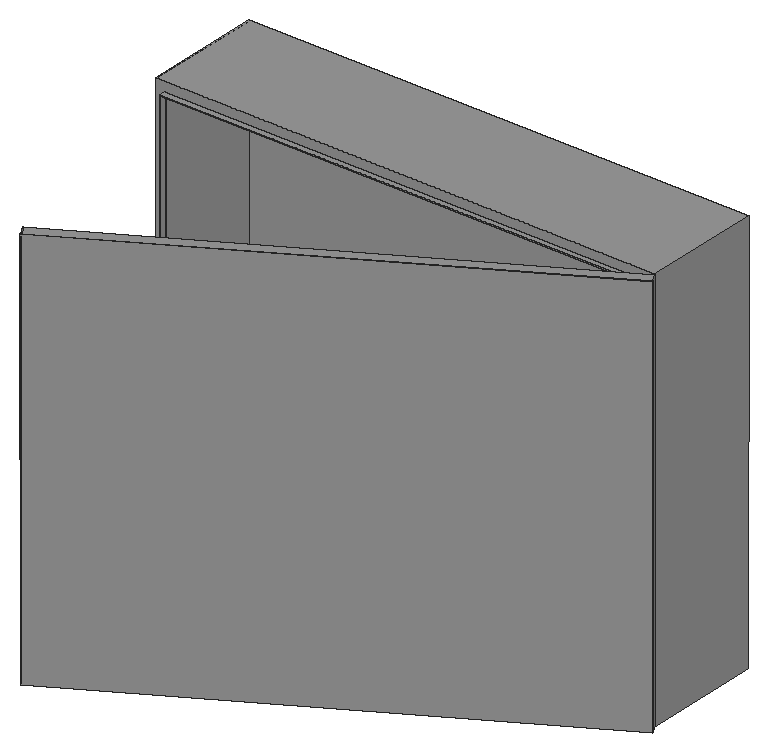
Revit family "Hager-Univers-IP44-D205-H650-Cl.II-Encl-NoHosted-DE-de", category Equipement électrique, Revit 2020
Family settings
  Configuration du panneau = Deux colonnes, circuits au sein
  Cote de connecteur circulaire = Utiliser le diamètre
  Type d'élément = Tableau de raccordement
  Basée sur le plan de construction = Oui
  Toujours verticalement = Oui
  Couper avec des vides une fois chargée = Non
  Partagée = Non
  Point de calcul de pièce = Non
Parameters (values of type "Aufputz IP44 B800 H650 T205  - FP43SN2")
  Width Control [instance] = if([EF000008 - Breite] > Min Width, [EF000008 - Breite], Min Width)  # 800 mm
  Commentaires du type = [HG000003 - Bereich]  # "Univers"
  Thickness Door [instance] = if([EF009171 - Materialstärke Tür/Deckel] > 3 mm, 3 mm, [EF009171 - Materialstärke Tür/Deckel])  # 1 mm
  Seal Frame Offset [instance] = 17 mm  # constant formula
  Plinth Visibility [instance] = [HG000027 - Sockelhöhe] > 0 mm  # no
  Min Width [instance] = 100 mm  # constant formula
  Min Depth [instance] = (2 * [EF009170 - Materialstärke Gehäuse]) + 1 mm  # 3 mm
  Min Height [instance] = 100 mm  # constant formula
  Internal Frame Depth [instance] = (Door System Depth * 0.5)  # 9 mm
  Panel Name [instance] = ""  # (empty or 0)
  Model = ""
  HG000027 - Sockelhöhe = 0 mm
  HG000026 - Stehend auf dem Boden = no
  HG000024 - Höhe des unteren Teils = 600 mm
  HG000023 - Gehäuse mit doppeltem Querschnitt = no
  HG000016 - 3D-Türsichtbarkeit [instance] = yes
  HG000015 - Sichtbarkeit der Türöffnung [instance] = no
  HG000014 - Tür rechts [instance] = yes
  HG000013 - Tür links [instance] = not([HG000014 - Tür rechts])  # no
  HG000012 - Türschwenkwinkel [instance] = 30.00°
  HG000010 - Asymmetrische Türen = no
  HG000009 - Doppelflügeligen Tür = no
  HG000006 - Unterputz = no
  HG000004 - Herstellerreferenz = "FP43SN2"
  HG000003 - Bereich = "Univers"
  HG000002 - Mit tür = yes
  Frame Offset Bottom [instance] = 10 mm  # constant formula
  Frame Offset [instance] = 15 mm  # constant formula
  EF015940 - Deckel mit Überdruckentlastung = no
  EF011959 - Schutzart (NEMA) = ""
  EF009554 - Anzahl der Öffnungen für Flanschplatten = 6
  EF009212 - Ausführung Deckel = "EV000116 - geschlossen"
  EF009171 - Materialstärke Tür/Deckel = 1 mm
  EF009170 - Materialstärke Gehäuse = 1 mm
  EF008873 - Nennstrom (In) = 250 A
  EF007800 - Geeignet für Blitzschutz = no
  EF006306 - Mit Schloss = no
  EF006244 - Transparenter Deckel/Tür = no
  EF005474 - Schutzart (IP) = "EV006418 - IP44"
  EF004464 - Art der Tür = "EV002646 - Einzel"
  EF004427 - Anzahl der Module = 144
  EF004293 - Schlagfestigkeit = "EV006815 - IK09"
  EF003532 - Geeignet für Außengebrauch = no
  EF002950 - Breite in Teilungseinheiten = 36
  EF001613 - Funktionserhalt = "EV000494 - ohne"
  EF001596 - Werkstoff des Gehäuses = "EV000179 - Stahl"
  EF001131 - Innentiefe = 143 mm
  EF001088 - Anbaumöglichkeit = yes
  EF000437 - Anzahl der Leitungseinführungen = 6
  EF000339 - Art der Abdeckung = "EV001012 - Deckel"
  EF000266 - Anzahl der Reihen = 4
  EF000218 - Einbautiefe = 205 mm
  EF000118 - Mit Montageplatte = no
  EF000116 - RAL-Nummer = "9010"
  EF000049 - Tiefe = 205 mm
  EF000040 - Höhe = 650 mm
  EF000008 - Breite = 800 mm
  EF000007 - Farbe = "EV000202 - weiß"
  EF000003 - Montageart = "EV000384 - Aufputz"
  Door System Leaf Tolerance [instance] = 1.5 mm  # constant formula
  Door System Depth [instance] = 18 mm  # constant formula
  Door Height [instance] = Height Control - [HG000027 - Sockelhöhe]  # 650 mm
  Description = ""
  Default Elevation = 1219.2 mm
  Connector Offset [instance] = Height Control / 2  # 325 mm
  Fabricant = "Hager"  # constant formula
  Height Control [instance] = if([EF000040 - Höhe] > Min Height, [EF000040 - Höhe], Min Height)  # 650 mm
  Depth Control [instance] = if([EF000049 - Tiefe] > Min Depth, [EF000049 - Tiefe], Min Depth)  # 205 mm
  Bottom Top Plate Trim [instance] = 1.5 mm  # constant formula
  Plinth height Ctrl [instance] = if([HG000027 - Sockelhöhe] > 0 mm, [HG000027 - Sockelhöhe], 12 mm)  # 12 mm
Types (5, lengths in mm): name | Width Control | HG000010 - Asymmetrische Türen | HG000009 - Doppelflügeligen Tür | HG000004 - Herstellerreferenz | EF009554 - Anzahl der Öffnungen für Flanschplatten | EF004464 - Art der Tür | EF004427 - Anzahl der Module | EF002950 - Breite in Teilungseinheiten | EF000437 - Anzahl der Leitungseinführungen | EF000008 - Breite
  Aufputz IP44 B1050 H650 T205  - FP44SN2 | 1050 | no | yes | "FP44SN2" | 8 | "EV003602 - Doppel" | 192 | 48 | 8 | 1050
  Aufputz IP44 B1300 H650 T205  - FP45SN2 | 1300 | yes | yes | "FP45SN2" | 10 | "EV003602 - Doppel" | 240 | 60 | 10 | 1300
  Aufputz IP44 B300 H650 T205  - FP41SN2 | 300 | no | no | "FP41SN2" | 2 | "EV002646 - Einzel" | 48 | 12 | 2 | 300
  Aufputz IP44 B550 H650 T205  - FP42SN2 | 550 | no | no | "FP42SN2" | 4 | "EV002646 - Einzel" | 96 | 24 | 4 | 550
  Aufputz IP44 B800 H650 T205  - FP43SN2 | 800 | no | no | "FP43SN2" | 6 | "EV002646 - Einzel" | 144 | 36 | 6 | 800
Reference planes
  plane 1 "Center (Front/Back)": y = 0
  plane 2: z = 0
  plane 3 "Center (Left/Right)": x = 0
  plane 4: y = 0
  plane 5: y = 0
  plane 6: z = 0
  plane 7: x = -400
  plane 8: x = 400
  plane 9: x = 399
  plane 10: x = -399
  plane 11: z = 0
  plane 12: z = 1
  plane 13: y = -205
  plane 14: y = -1
  plane 15: x = 0
  plane 16: y = -187
  plane 17: y = -204
  plane 18: y = -186
  plane 19: x = -384
  plane 20: x = 384
  plane 21: z = 11
  plane 22: x = -383
  plane 23: x = 383
  plane 24: z = 0
  plane 25: z = 650
  plane 26: z = 650
  plane 27: z = 634
  plane 28: z = 649
Forms (mm)
  Extrusion 1, solid, material "Hager_Steel_RAL7035_Light_Grey", detail levels medium+fine
    sketch origin (-208.679, -4572, 0) x (-1, 0, 0) y (0, -1, 0)
      loop
        line (191.321, -4385) -> (-608.679, -4385) -> (-608.679, -4572) -> (191.321, -4572) -> (191.321, -4385)
    from 0 to 650
  Extrusion 2, void
    sketch origin (-350.771, -205, 1219.2) x (1, 0, 0) y (0, 0, 1)
      loop
        line (-48.229, -570.2) -> (-48.229, -1218.2) -> (749.771, -1218.2) -> (749.771, -570.2) -> (-48.229, -570.2)
    from -19 to -204
  Extrusion 3, void
    sketch origin (-290.084, -187, 1219.2) x (1, 0, 0) y (0, 0, 1)
      loop
        line (-93.916, -1208.2) -> (674.084, -1208.2) -> (674.084, -585.2) -> (-93.916, -585.2) -> (-93.916, -1208.2)
    from 0 to -1
  Extrusion 4, solid, material "Hager_Steel_RAL7035_Light_Grey", visible <- "Plinth Visibility", detail levels medium+fine
    sketch origin (0, 0, 0) x (1, 0, 0) y (0, 1, 0)
      loop
        line (-400, 0) -> (-400, -187) -> (400, -187) -> (400, 0) -> (-400, 0)
    from 0 to 12 <- "Plinth height Ctrl"
  Extrusion 5, solid, material "Hager_Steel_RAL7035_Light_Grey", detail levels coarse
    sketch origin (0, 0, 0) x (1, 0, 0) y (0, 1, 0)
      loop
        line (-400, 0) -> (-400, -205) -> (400, -205) -> (400, 0) -> (-400, 0)
    from 0 to 650 <- "Height Control"
  Sweep 6, void
    path in 3D
      loop
        line (-400, -187, 12) -> (400, -187, 12) -> (400, 0, 12) -> (-400, 0, 12) -> (-400, -187, 12)
    profile origin (-400, -93.5, 12) x (1, 0, 0) y (0, 0, 1)
      loop
        line (0, 0) -> (0, -1.5) -> (1.5, -1.5)
        arc (1.5, -1.5) -> (1.061, -0.439) -> (0, 0) r 1.5
  Extrusion 7, solid, material "Hager_Steel_RAL7035_Light_Grey", detail levels fine
    sketch origin (-400, -187, 0) x (1, 0, 0) y (0, 0, 1)
      loop
        line (16, 11) -> (784, 11) -> (784, 634) -> (16, 634) -> (16, 11)
      loop
        line (15, 10) -> (785, 10) -> (785, 635) -> (15, 635) -> (15, 10)
    from 0 to 9 <- "Internal Frame Depth"
Cuts and joins
  Extrusion 2, Extrusion 3 cuts Extrusion 1
  Sweep 6 cuts Extrusion 4
Lines and regions (mm)
  Masking region 1
    outline origin (0, 0, 0) x (1, 0, 0) y (0, 1, 0)
      loop
        line (-400, 0) -> (-400, -205) -> (400, -205) -> (400, 0) -> (-400, 0)
  Masking region 2, detail levels coarse
    outline origin (-290.084, -187, 1219.2) x (-1, 0, 0) y (0, 0, 1)
      loop
        line (-690.084, -1219.2) -> (109.916, -1219.2) -> (109.916, -569.2) -> (-690.084, -569.2) -> (-690.084, -1219.2)
  Masking region 3, detail levels coarse
    outline origin (0, 0, 0) x (0, 1, 0) y (0, 0, 1)
      loop
        line (0, 0) -> (0, 650) -> (-205, 650) -> (-205, 0) -> (0, 0)
  Masking region 4, visible <- "Plinth Visibility", detail levels medium+fine
    outline origin (0, 0, 0) x (0, 1, 0) y (0, 0, 1)
      loop
        line (-1.5, 12) -> (-185.5, 12)
        arc (-185.5, 12) -> (-185.939, 10.939) -> (-187, 10.5) r 1.5
        line (-187, 10.5) -> (-187, 0) -> (0, 0) -> (0, 10.5)
        arc (0, 10.5) -> (-1.061, 10.939) -> (-1.5, 12) r 1.5
  Masking region 5, detail levels medium+fine
    outline origin (0, 0, 594.038) x (0, 1, 0) y (0, 0, 1)
      loop
        line (0, -594.038) -> (0, 55.962) -> (-187, 55.962) -> (-187, -594.038) -> (0, -594.038)
  Masking region 6, detail levels medium+fine
    outline origin (-359.7, -187, 1211.883) x (-1, 0, 0) y (0, 0, 1)
      loop
        line (-759.7, -1211.883) -> (40.3, -1211.883) -> (40.3, -561.883) -> (-759.7, -561.883) -> (-759.7, -1211.883)
  Masking region 7, visible <- "Plinth Visibility", detail levels medium+fine
    outline origin (-320.334, -187, 1041.368) x (-1, 0, 0) y (0, 0, 1)
      loop
        line (-720.334, -1041.368) -> (79.666, -1041.368) -> (79.666, -1030.868)
        arc (79.666, -1030.868) -> (78.606, -1030.429) -> (78.166, -1029.368) r 1.5
        line (78.166, -1029.368) -> (-718.834, -1029.368)
        arc (-718.834, -1029.368) -> (-719.273, -1030.429) -> (-720.334, -1030.868) r 1.5
        line (-720.334, -1030.868) -> (-720.334, -1041.368)
  sketch lines
    curve 1: line (-400, 0, 12) -> (-400, -187, 12)
    curve 2: line (-400, -187, 12) -> (400, -187, 12)
    curve 3: line (400, 0, 12) -> (-400, 0, 12)
    curve 4: line (400, -187, 12) -> (400, 0, 12)
Dimensions and locks
  locked: plane 1 "Center (Front/Back)" to plane 5
  "EF009170 - Materialstärke Gehäuse": plane 7 to plane 10
  "EF009170 - Materialstärke Gehäuse": plane 8 to plane 9
  equal spacing: plane 7, plane 3 "Center (Left/Right)", plane 8
  "Width Control": plane 7 to plane 8
  "Depth Control": plane 4 to plane 13
  "EF009170 - Materialstärke Gehäuse": plane 4 to plane 14
  "Height Control": plane 25 to level
  "HG000027 - Sockelhöhe": plane 11 to level
  "EF009170 - Materialstärke Gehäuse": plane 12 to plane 11
  "EF009170 - Materialstärke Gehäuse": plane 17 to plane 13
  "EF009170 - Materialstärke Gehäuse": plane 18 to plane 16
  "Frame Offset Bottom": plane 21 to plane 12
  "Frame Offset": plane 10 to plane 19
  "Frame Offset": plane 9 to plane 20
  "Door System Depth": plane 16 to plane 13
  "Seal Frame Offset": plane 7 to plane 22
  "Seal Frame Offset": plane 8 to plane 23
  "EF009170 - Materialstärke Gehäuse": plane 26 to plane 28
  "Frame Offset": plane 28 to plane 27
  "Connector Offset": plane 2 to connector elem
  "Bottom Top Plate Trim": profile plane to Sweep 6 sketch curve
  "Bottom Top Plate Trim": Sweep 6 sketch curve to Sweep 6 sketch curve
  "Plinth height Ctrl": Masking region 4 sketch curve to level
  "Plinth height Ctrl": Masking region 7 sketch curve to level
  "Thickness Door": Extrusion 7 sketch curve to Extrusion 7 sketch curve  (x4)
  "Bottom Top Plate Trim": radius of Sweep 6 sketch curve
  "Bottom Top Plate Trim": radius of Masking region 4 sketch curve  (x2)
  "Bottom Top Plate Trim": radius of Masking region 7 sketch curve  (x2)
  aligned and locked: Extrusion 2 sketch curve to plane 12
  aligned and locked: Extrusion 2 sketch curve to plane 9
  aligned and locked: Extrusion 2 sketch curve to plane 10
  aligned and locked: Extrusion 2 to plane 14
  aligned and locked: Extrusion 1 sketch curve to plane 4
  aligned and locked: plane 8 to Extrusion 1 sketch curve
  aligned and locked: plane 7 to Extrusion 1 sketch curve
  aligned and locked: Extrusion 2 to plane 18
  aligned and locked: Extrusion 3 sketch curve to plane 19
  aligned and locked: plane 20 to Extrusion 3 sketch curve
  aligned and locked: Extrusion 3 to Extrusion 2
  aligned and locked: Extrusion 3 sketch curve to plane 21
  aligned and locked: plane 3 "Center (Left/Right)" to nested 1
  aligned and locked: Extrusion 1 sketch curve to plane 16
  aligned and locked: Extrusion 4 sketch curve to cut or joined group of Extrusion 1, Extrusion 2, Extrusion 3
  aligned and locked: Masking region 1 sketch curve to plane 7
  aligned and locked: Masking region 1 sketch curve to plane 5
  aligned and locked: Masking region 1 sketch curve to plane 8
  aligned and locked: Masking region 2 sketch curve to level
  aligned and locked: level to Masking region 3 sketch curve
  aligned and locked: plane 1 "Center (Front/Back)" to Masking region 3 sketch curve
  aligned and locked: plane 13 to Masking region 3 sketch curve
  aligned and locked: plane 5 to Masking region 4 sketch curve
  aligned and locked: Masking region 2 sketch curve to plane 8
  aligned and locked: Masking region 2 sketch curve to plane 7
  aligned and locked: plane 7 to nested 2
  aligned and locked: nested 2 to plane 5
  aligned and locked: plane 5 to Masking region 5 sketch curve
  aligned and locked: plane 26 to Masking region 5 sketch curve
  aligned and locked: Extrusion 5 sketch curve to plane 8
  aligned and locked: Extrusion 5 sketch curve to plane 7
  aligned and locked: Extrusion 5 sketch curve to plane 5
  aligned and locked: Extrusion 3 sketch curve to plane 27
  aligned and locked: Extrusion 2 sketch curve to plane 28
  aligned and locked: Masking region 2 to plane 25
  aligned and locked: Extrusion 4 to plane 16
  aligned and locked: profile plane to Sweep 6 sketch curve
  aligned and locked: Masking region 5 sketch curve to plane 24
  aligned and locked: level to Masking region 4 sketch curve
  aligned and locked: Masking region 1 to plane 13
  aligned and locked: nested 1 to plane 16
  aligned and locked: Masking region 3 to plane 25
  aligned and locked: plane 16 to Masking region 4 sketch curve
  aligned and locked: Masking region 5 sketch curve to plane 16
  aligned and locked: plane 24 to plane 11
  aligned and locked: plane 26 to plane 25
  aligned and locked: plane 26 to cut or joined group of Extrusion 1, Extrusion 2, Extrusion 3
  aligned and locked: nested 1 to plane 24
  aligned and locked: Extrusion 1 to Extrusion 3
  aligned and locked: Masking region 6 sketch curve to plane 8
  aligned and locked: Masking region 6 sketch curve to plane 24
  aligned and locked: Masking region 6 sketch curve to plane 7
  aligned and locked: Masking region 6 sketch curve to plane 26
  aligned and locked: Masking region 7 sketch curve to plane 7
  aligned and locked: level to Masking region 7 sketch curve
  aligned and locked: Masking region 7 sketch curve to plane 8
  aligned and locked: Extrusion 7 sketch curve to cut or joined group of Extrusion 1, Extrusion 2, Extrusion 3  (x4)
Automatic sketch dimensions
  plane 19 to Extrusion 3 sketch curve = 0 mm
  Extrusion 3 sketch curve to plane 20 = 0 mm
  Extrusion 3 sketch curve to plane 21 = 0 mm
  Extrusion 4 sketch curve to plane 7 = 0 mm
  Extrusion 4 sketch curve to plane 8 = 0 mm
  Extrusion 4 sketch curve to plane 16 = 0 mm
  Masking region 1 sketch curve to plane 13 = 0 mm
  Masking region 2 sketch curve to plane 25 = 0 mm
  Masking region 3 sketch curve to plane 25 = 0 mm
  Extrusion 5 sketch curve to plane 13 = 0 mm
  profile plane to Sweep 6 sketch curve = 0 mm
Nested families
  nested 1: "EC000058_Univers_Door" at (0, -187, 0), Double <- "HG000009 - Doppelflügeligen Tür", Transparent <- "EF006244 - Transparenter Deckel/Tür", Angle <- "HG000012 - Türschwenkwinkel", Door_Right <- "HG000014 - Tür rechts", Assymetrical <- "HG000010 - Asymmetrische Türen", Door <- "HG000002 - Mit tür", Width_Ctrl <- "Width Control", 3d_Door <- "HG000016 - 3D-Türsichtbarkeit", Clearance <- "HG000015 - Sichtbarkeit der Türöffnung", Door_Left <- "HG000013 - Tür links", Width <- "Width Control", Door_Depth <- "Door System Depth", Leaf_Tolerance <- "Door System Leaf Tolerance", Height <- "Door Height", Lock_Visibility <- "EF006306 - Mit Schloss", Thickness <- "Thickness Door", type "EC000058_Univers_Door", detail levels medium+fine
    with min_wh 3 mm, Width_Ctrl 800 mm, Width 800 mm, Transparent no, Thickness 1 mm, Seal_Material Hager_Rubber, Lock_Visibility no, Lock_Material Hager_Plastic_RAL9005_Jet_Black, Leaf_Width 800 mm, Leaf_Tolerance_External_Sides 0 mm, Leaf_Tolerance 1.5 mm, Leaf_Offset 0 mm, Leaf_Height 647 mm, Leaf_2_Width 800 mm, Leaf_2_Offset 400 mm, Leaf_1_Width 800 mm, Leaf_1_Offset 400 mm, Height_Ctrl 650 mm, Height 650 mm, Glass_Material Hager_Glass, Double_Clearance_Ctrl no, Double no, Door_Right_Ctrl yes, Door_Right yes, Door_Material Hager_Steel_RAL7035_Light_Grey, Door_Left_Ctrl no, Door_Left no, Door_Depth 18 mm, Door yes, Clearance_Material Hager_Clearance, Clearance_Depth 800 mm, Clearance_Ctrl no, Clearance no, Assymetrical no, Angle 30.00°, 3d_Door yes
  nested 2: "Hager_Enclosure_Symbol" at (-400, 0, 0), Height <- "Depth Control", Width <- "Width Control", type "Hager_Enclosure_Symbol"
    with Width_Ctrl 800 mm, Width 800 mm, Height_Ctrl 205 mm, Height 205 mm, A_Width_Int 13.453 mm, A_Width 161.438 mm, A_Height_Ctrl 179.375 mm, A_Height 179.375 mm
Connectors
  electrical at (0, 0, 325)
    settings: on plane 1 "Center (Front/Back)", index 1, voltage 0 V, apparent load 0 VA, apparent load phase1 0 VA, apparent load phase2 0 VA, apparent load phase3 0 VA, power factor 1, load classification "Other", number of poles 1, system type 30, power factor state 1, is connector primary yes, connector utility no, sub classification motor no, connector description ""
Definition of nested family "EC000058_Univers_Door"
  Parameters (values of type "EC000058_Univers_Door")
    min_wh [instance] = (2 * Thickness) + 1 mm  # 11 mm
    Width_Ctrl [instance] = 400 mm
    Width [instance] = 500 mm
    Transparent [instance] = yes
    Thickness [instance] = 5 mm
    Seal_Material [instance] = none
    Lock_Visibility [instance] = yes
    Lock_Material [instance] = none
    Leaf_Width [instance] = if((Width_Ctrl - 2 * Leaf_Tolerance_External_Sides) > 0 mm, (Width_Ctrl - 2 * Leaf_Tolerance_External_Sides), min_wh)  # 400 mm
    Leaf_Tolerance_External_Sides [instance] = 0 mm  # constant formula
    Leaf_Tolerance [instance] = 1.5 mm
    Leaf_Offset [instance] = 0 mm  # constant formula
    Leaf_Height [instance] = if((Height_Ctrl - 2 * Leaf_Tolerance) > 0 mm, (Height_Ctrl - 2 * Leaf_Tolerance), min_wh)  # 497 mm
    Leaf_2_Width [instance] = if(and(and(Double, Assymetrical), Door_Left), (Leaf_Width / 3) - (Leaf_Tolerance / 2), if(and(and(Double, Assymetrical), Door_Right), (Leaf_Width / 3) * 2 - (Leaf_Tolerance / 2), if(and(Double, not(Assymetrical)), (Leaf_Width / 2) - Leaf_Tolerance, Leaf_Width)))  # 400 mm
    Leaf_2_Offset [instance] = if(and(Double, Assymetrical), Leaf_2_Width / 2, if(and(Double, not(Assymetrical)), Leaf_Width / 4, Leaf_Width / 2))  # 200 mm
    Leaf_1_Width [instance] = if(and(and(Double, Assymetrical), Door_Right), (Leaf_Width / 3) - (Leaf_Tolerance / 2), if(and(and(Double, Assymetrical), Door_Left), (Width / 3) * 2 - (Leaf_Tolerance / 2), if(and(Double, not(Assymetrical)), (Leaf_Width / 2) - Leaf_Tolerance, Leaf_Width)))  # 400 mm
    Leaf_1_Offset [instance] = if(and(Double, Assymetrical), Leaf_1_Width / 2, if(and(Double, not(Assymetrical)), Leaf_Width / 4, Leaf_Width / 2))  # 200 mm
    Height_Ctrl [instance] = if(Height > min_wh, Height, min_wh)  # 500 mm
    Height [instance] = 500 mm
    Glass_Material [instance] = none
    Double_Clearance_Ctrl [instance] = and(Double, Clearance)  # no
    Double [instance] = no
    Door_Right_Ctrl [instance] = and(or(Door_Right, Double), Door)  # yes
    Door_Right [instance] = yes
    Door_Material [instance] = none
    Door_Left_Ctrl [instance] = and(or(Door_Left, Double), Door)  # no
    Door_Left [instance] = no
    Door_Depth [instance] = 30 mm
    Door [instance] = yes
    Default Elevation = 1219.2 mm
    Clearance_Material [instance] = none
    Clearance_Depth [instance] = if(Leaf_1_Width > Leaf_2_Width, Leaf_1_Width, Leaf_2_Width)  # 400 mm
    Clearance_Ctrl [instance] = and(not(Double), Clearance)  # yes
    Clearance [instance] = yes
    Assymetrical [instance] = yes
    Angle [instance] = 30.00°
    3d_Door [instance] = yes
  Reference planes
    plane 1 "Center (Front/Back)": y = 0
    plane 2 "Bottom": z = 0
    plane 3 "Center (Left/Right)": x = 0
    plane 4: z = 500
    plane 5: x = -200
    plane 6: x = 200
    plane 7: z = 500
    plane 8: x = -200
    plane 9: z = 0
    plane 10: x = 200
    plane 11: y = 0
    plane 12: z = 1.5
    plane 13: x = -600
    plane 14: y = -400
    plane 15: x = 600
    plane 16: x = 0
    plane 17: x = 0
    plane 18: x = -200
    plane 19: x = 200
    plane 20: z = 498.5
  Forms (mm)
    Extrusion 1, solid, material <- "Clearance_Material", visible <- "Double_Clearance_Ctrl"
      sketch origin (1200, 0, 0) x (1, 0, 0) y (0, 0, -1)
        loop
          line (-1800, -498.5) -> (-600, -498.5) -> (-600, 0) -> (-1800, 0) -> (-1800, -498.5)
      from 0 to -400
  Dimensions and locks
    equal spacing: plane 5, plane 3 "Center (Left/Right)", plane 6
    "Width_Ctrl": plane 5 to plane 6
    "Leaf_Offset": plane 5 to plane 8
    "Leaf_Offset": plane 6 to plane 10
    "Leaf_Offset": plane 9 to level
    "Leaf_Offset": plane 4 to plane 7
    "Height_Ctrl": plane 4 to level
    "Leaf_Tolerance": plane 12 to plane 9
    locked: plane 11 to plane 1 "Center (Front/Back)"
    "Leaf_1_Offset": plane 18 to plane 16
    "Leaf_2_Offset": plane 17 to plane 19
    "Leaf_1_Width": plane 13 to plane 8
    "Leaf_2_Width": plane 10 to plane 15
    "Clearance_Depth": plane 14 to plane 1 "Center (Front/Back)"
    "Leaf_Tolerance_External_Sides": plane 8 to plane 18
    "Leaf_Tolerance_External_Sides": plane 19 to plane 10
    "Leaf_Tolerance": plane 7 to plane 20
    aligned and locked: level to plane 2 "Bottom"
    aligned and locked: nested 1 to plane 16
    aligned and locked: nested 2 to plane 17
    aligned and locked: Extrusion 1 to plane 13
    aligned and locked: plane 15 to Extrusion 1
    aligned and locked: Extrusion 1 to plane 14
    aligned and locked: plane 12 to nested 1
    aligned and locked: nested 2 to plane 12
    aligned and locked: Extrusion 1 to plane 11
    aligned and locked: plane 20 to Extrusion 1
    aligned and locked: nested 2 to plane 11
    aligned and locked: nested 1 to plane 11
  Automatic sketch dimensions
    Extrusion 1 sketch curve to level = 0 mm
    plane 5 to Extrusion 1 sketch curve = 400 mm
    plane 6 to Extrusion 1 sketch curve = 400 mm
    Extrusion 1 sketch curve to plane 4 = 1.5 mm
  Nested families
    nested 1: "EC000058_Univers_Door_Leaf" at (0, 0, 1.5), Width <- "Leaf_1_Width", visible <- "Door_Left_Ctrl", Leaf_Height <- "Leaf_Height", Angle <- "Angle", 3d_Door <- "3d_Door", Transparent <- "Transparent", Clearance Material <- "Clearance_Material", Clearance <- "Clearance_Ctrl", Door_Material <- "Door_Material", Glass_Material <- "Glass_Material", Door_Depth <- "Door_Depth", Lock_Material <- "Lock_Material", Seal_Material <- "Seal_Material", Lock_Visibility <- "Lock_Visibility", Thickness <- "Thickness", type "EC000058_Univers_Door_Leaf"
      with Width 400 mm, Transparent_Glass_Offset 30 mm, Transparent_Ctrl yes, Transparent yes, Thickness 5 mm, Standard no, Seal_Material none, Seal_D2 8 mm, Seal_D1 1 mm, Offset_Internal_Frame 10 mm, Lock_Width 20 mm, Lock_Visibility_3d yes, Lock_Visibility yes, Lock_Thickness_3 3 mm, Lock_Thickness_2 1 mm, Lock_Thickness_1 3 mm, Lock_Radius_Offset_2 16 mm, Lock_Radius_Offset_1 15 mm, Lock_Radius_2 5 mm, Lock_Radius 6 mm, Lock_Offset 5 mm, Lock_Material none, Lock_Height 80 mm, Lock_Cover_Top_Offset_2d 17 mm, Lock_Cover_Height -65 mm, Leaf_Height 497 mm, Internal_Seal_Thickness 8 mm, Internal_Seal_Depth_2 4.5 mm, Internal_Frame_Depth 25 mm, Glass_Thickness -1 mm, Glass_Offset -2 mm, Glass_Material none, Door_Material none, Door_Depth 30 mm, Clearance Material none, Clearance yes, Angle_Ctrl 30.00°, Angle 30.00°, 3d_Door yes
    nested 2: "EC000058_Univers_Door_Leaf" at (0, 0, 1.5) x (-1, 0, 0) z (0, 0, 1), Width <- "Leaf_2_Width", visible <- "Door_Right_Ctrl", Leaf_Height <- "Leaf_Height", Angle <- "Angle", 3d_Door <- "3d_Door", Transparent <- "Transparent", Clearance Material <- "Clearance_Material", Clearance <- "Clearance_Ctrl", Door_Material <- "Door_Material", Glass_Material <- "Glass_Material", Door_Depth <- "Door_Depth", Lock_Material <- "Lock_Material", Seal_Material <- "Seal_Material", Lock_Visibility <- "Lock_Visibility", Thickness <- "Thickness", type "EC000058_Univers_Door_Leaf"
      with Width 400 mm, Transparent_Glass_Offset 30 mm, Transparent_Ctrl yes, Transparent yes, Thickness 5 mm, Standard no, Seal_Material none, Seal_D2 8 mm, Seal_D1 1 mm, Offset_Internal_Frame 10 mm, Lock_Width 20 mm, Lock_Visibility_3d yes, Lock_Visibility yes, Lock_Thickness_3 3 mm, Lock_Thickness_2 1 mm, Lock_Thickness_1 3 mm, Lock_Radius_Offset_2 16 mm, Lock_Radius_Offset_1 15 mm, Lock_Radius_2 5 mm, Lock_Radius 6 mm, Lock_Offset 5 mm, Lock_Material none, Lock_Height 80 mm, Lock_Cover_Top_Offset_2d 17 mm, Lock_Cover_Height -65 mm, Leaf_Height 497 mm, Internal_Seal_Thickness 8 mm, Internal_Seal_Depth_2 4.5 mm, Internal_Frame_Depth 25 mm, Glass_Thickness -1 mm, Glass_Offset -2 mm, Glass_Material none, Door_Material none, Door_Depth 30 mm, Clearance Material none, Clearance yes, Angle_Ctrl 30.00°, Angle 30.00°, 3d_Door yes
  Definition of nested family "EC000058_Univers_Door_Leaf"
    Parameters (values of type "EC000058_Univers_Door_Leaf")
      Width [instance] = 2000 mm
      Transparent_Glass_Offset [instance] = 30 mm
      Transparent_Ctrl [instance] = and(Transparent, [3d_Door])  # yes
      Transparent [instance] = yes
      Thickness [instance] = 5 mm
      Standard [instance] = and(not(Transparent), [3d_Door])  # no
      Seal_Material [instance] = none
      Seal_D2 [instance] = 8 mm  # constant formula
      Seal_D1 [instance] = 1 mm  # constant formula
      Offset_Internal_Frame [instance] = 10 mm  # constant formula
      Lock_Width [instance] = 20 mm  # constant formula
      Lock_Visibility_3d [instance] = and(Lock_Visibility, [3d_Door])  # yes
      Lock_Visibility [instance] = yes
      Lock_Thickness_3 [instance] = 3 mm  # constant formula
      Lock_Thickness_2 [instance] = 1 mm  # constant formula
      Lock_Thickness_1 [instance] = 3 mm  # constant formula
      Lock_Radius_Offset_2 [instance] = Lock_Radius_Offset_1 + 1 mm  # 16 mm
      Lock_Radius_Offset_1 [instance] = 15 mm  # constant formula
      Lock_Radius_2 [instance] = Lock_Radius - 1 mm  # 5 mm
      Lock_Radius [instance] = 6 mm  # constant formula
      Lock_Offset [instance] = 5 mm  # constant formula
      Lock_Material [instance] = none
      Lock_Height [instance] = 80 mm  # constant formula
      Lock_Cover_Top_Offset_2d [instance] = Lock_Radius_Offset_2 + 1 mm  # 17 mm
      Lock_Cover_Height [instance] = -(Lock_Height - Lock_Radius_Offset_1)  # -65 mm
      Leaf_Height [instance] = 2720.336 mm
      Internal_Seal_Thickness [instance] = 8 mm  # constant formula
      Internal_Seal_Depth_2 [instance] = 4.5 mm  # constant formula
      Internal_Frame_Depth [instance] = if(Door_Depth - Thickness > 5 mm, Door_Depth - Thickness, 5 mm)  # 25 mm
      Glass_Thickness [instance] = if(Thickness > 15 mm, Glass_Offset + 10 mm, -1 mm)  # -1 mm
      Glass_Offset [instance] = if(Thickness > 15 mm, -(Thickness + 10 mm) / 2, -2 mm)  # -2 mm
      Glass_Material [instance] = none
      Door_Material [instance] = none
      Door_Depth [instance] = 30 mm
      Default Elevation = 0 mm
      Clearance Material [instance] = none
      Clearance [instance] = yes
      Angle_Ctrl [instance] = if(Angle > 180.00°, 180.00°, Angle)  # 90.00°
      Angle [instance] = 90.00°
      3d_Door [instance] = yes
    Reference planes
      plane 1 "Center (Front/Back)": y = 0
      plane 2: z = 0
      plane 3 "Center (Left/Right)": x = 0
      plane 4: y = 2000
      plane 5: x = -1000
      plane 6: x = 1000
      plane 7: x = -3000
      plane 8: z = 2720.336
      plane 9: z = 30
      plane 10: z = 2690.336
      plane 11: x = 970
      plane 12: x = -970
      plane 13: y = -3
      plane 14: z = 107.833
      plane 15: y = -5
      plane 16: y = -223.314
      plane 17: x = -1000
      plane 18: z = 1360.168
      plane 19: y = 30
    Forms (mm)
      Extrusion 1, solid, material <- "Clearance Material", visible <- "Clearance"
        sketch origin (0, 0, 0) x (1, 0, 0) y (0, 0, 1)
          loop
            line (-3000, 2720.336) -> (-3000, 0) -> (1000, 0) -> (1000, 2720.336) -> (-3000, 2720.336)
        from 0 to -2000
      Extrusion 2, solid, material <- "Door_Material", visible <- "Standard", detail levels medium+fine
        sketch origin (-1000, 0, 0) x (0, 1, 0) y (-1, 0, 0)
          loop
            line (0, 30) -> (0, 25) -> (2000, 25) -> (2000, 30) -> (0, 30)
        from 0 to 2720.336 <- "Leaf_Height"
      Extrusion 3, solid, material <- "Door_Material", visible <- "Transparent_Ctrl", detail levels medium+fine
        sketch origin (-1000, 0, 0) x (0, 1, 0) y (-1, 0, 0)
          loop
            line (0, 25) -> (2000, 25) -> (2000, 30) -> (0, 30) -> (0, 25)
        from 0 to 2720.336 <- "Leaf_Height"
      Extrusion 4, void
        sketch origin (-1025, 2000, 0) x (0, 1, 0) y (0, 0, -1)
          loop
            line (-30, -2690.336) -> (-30, -30) -> (-1970, -30) -> (-1970, -2690.336) -> (-30, -2690.336)
        from 0 to 5 <- "Thickness"
      Sweep 5, solid, material <- "Seal_Material", visible <- "Transparent_Ctrl", detail levels fine
        path in 3D
          loop
            line (-1025, 30, 30) -> (-1025, 30, 2690.336) -> (-1025, 1970, 2690.336) -> (-1025, 1970, 30) -> (-1025, 30, 30)
        profile origin (-1025, 1000, 30) x (1, 0, 0) y (0, 0, 1)
          loop
            line (0, 0) -> (0, -8) -> (1, -8) -> (1, 0) -> (0, 0)
      Extrusion 6, solid, material <- "Glass_Material", visible <- "Transparent_Ctrl", detail levels medium+fine
        sketch origin (-1030, 0, 0) x (0, 1, 0) y (0, 0, -1)
          loop
            line (1970, -2690.336) -> (1970, -30) -> (30, -30) -> (30, -2690.336) -> (1970, -2690.336)
        from -2 <- "Glass_Offset" to -1 <- "Glass_Thickness"
      Extrusion 7, solid, material <- "Door_Material", visible <- "3d_Door", detail levels medium+fine
        sketch origin (-1025, 2000, 0) x (0, -1, 0) y (0, 0, -1)
          loop
            line (0, -2720.336) -> (2000, -2720.336) -> (2000, 0) -> (0, 0) -> (0, -2720.336)
          loop
            line (1995, -5) -> (5, -5) -> (5, -2715.336) -> (1995, -2715.336) -> (1995, -5)
        from 0 to 25 <- "Internal_Frame_Depth"
      Sweep 8, solid, material <- "Seal_Material", visible <- "Transparent_Ctrl", detail levels fine
        path in 3D
          loop
            line (-1025, 0, 0) -> (-1025, 2000, 0) -> (-1025, 2000, 2720.336) -> (-1025, 0, 2720.336) -> (-1025, 0, 0)
        profile origin (-1025, 0, 1360.168) x (1, 0, 0) y (0, 1, 0)
          loop
            line (0, 10) -> (2.975, 10)
            arc (2.975, 10) -> (4.053, 10.447) -> (4.5, 11.525) r 1.525
            line (4.5, 11.525) -> (4.5, 16.527)
            arc (4.5, 16.527) -> (4.069, 17.569) -> (3.027, 18) r 1.473
            line (3.027, 18) -> (0, 18) -> (0, 10)
      Extrusion 9, solid, material <- "Lock_Material", visible <- "Lock_Visibility_3d", detail levels fine
        sketch origin (-1030, 0, 0) x (0, 1, 0) y (0, 0, -1)
          loop
            arc (1993.5, -1400.168) -> (1994.561, -1399.729) -> (1995, -1398.668) r 1.5
            line (1995, -1398.668) -> (1995, -1320.168) -> (1975, -1320.168) -> (1975, -1398.668)
            arc (1975, -1398.668) -> (1975.439, -1399.729) -> (1976.5, -1400.168) r 1.5
            line (1976.5, -1400.168) -> (1993.5, -1400.168)
        from 3 <- "Lock_Thickness_1" to 0
      Blend 10, solid, material <- "Lock_Material", visible <- "Lock_Visibility_3d", detail levels fine
        base sketch origin (-1033, 0, 0) x (0, 1, 0) y (0, 0, -1)
          loop
            line (1975, -1320.168) -> (1975, -1398.668)
            arc (1975, -1398.668) -> (1975.439, -1399.729) -> (1976.5, -1400.168) r 1.5
            line (1976.5, -1400.168) -> (1993.5, -1400.168)
            arc (1993.5, -1400.168) -> (1994.561, -1399.729) -> (1995, -1398.668) r 1.5
            line (1995, -1398.668) -> (1995, -1320.168) -> (1975, -1320.168)
        top sketch origin (-1033, 0, 0) x (0, 1, 0) y (0, 0, -1)
          loop
            line (1976, -1320.168) -> (1976, -1398.668)
            arc (1976, -1398.668) -> (1976.146, -1399.022) -> (1976.5, -1399.168) r 0.5
            line (1976.5, -1399.168) -> (1993.5, -1399.168)
            arc (1993.5, -1399.168) -> (1993.854, -1399.022) -> (1994, -1398.668) r 0.5
            line (1994, -1398.668) -> (1994, -1320.168) -> (1976, -1320.168)
        from 0 to 1 <- "Lock_Thickness_2"
      Blend 11, solid, material <- "Lock_Material", visible <- "Lock_Visibility_3d", detail levels fine
        base sketch origin (-1034, 0, 0) x (0, 1, 0) y (0, 0, -1)
          loop
            line (1978, -1320.168) -> (1978, -1384.168)
            arc (1978, -1384.168) -> (1985, -1391.168) -> (1992, -1384.168) r 7
            line (1992, -1384.168) -> (1992, -1320.168) -> (1978, -1320.168)
        top sketch origin (-1034, 0, 0) x (0, 1, 0) y (0, 0, -1)
          loop
            line (1991, -1320.168) -> (1979, -1320.168) -> (1979, -1383.168)
            arc (1979, -1383.168) -> (1985, -1389.168) -> (1991, -1383.168) r 6
            line (1991, -1383.168) -> (1991, -1320.168)
        from 0 to 3 <- "Lock_Thickness_3"
      Extrusion 12, solid, material <- "Lock_Material", visible <- "Lock_Visibility_3d", detail levels fine
        sketch origin (-1030, 1975, 1320.168) x (1, 0, 0) y (0, -1, 0)
          loop
            line (-7, -19) -> (-7, -1) -> (0, -1) -> (0, 0) -> (-8, 0) -> (-8, -20) -> (0, -20) -> (0, -19) -> (-7, -19)
        from 0 to -65 <- "Lock_Cover_Height"
      Extrusion 13, void
        sketch origin (-1038, 1995, 1320.168) x (-1, 0, 0) y (0, 0, -1)
          loop
            line (-5, -65) -> (0, -65) -> (-5, -60) -> (-5, -65)
        from 0 to 20 <- "Lock_Width"
      Extrusion 14, void
        sketch origin (-1038, 1975, 1320.168) x (0, -1, 0) y (0, 0, -1)
          loop
            circle (-10, -15.995) r 6
          loop
            circle (-10, -15.995) r 5
        from 0 to 2
      Extrusion 15, solid, material <- "Lock_Material", visible <- "Lock_Visibility_3d", detail levels medium
        sketch origin (-1030, 0, 0) x (0, 1, 0) y (0, 0, -1)
          loop
            arc (1993.5, -1400.168) -> (1994.561, -1399.729) -> (1995, -1398.668) r 1.5
            line (1995, -1398.668) -> (1995, -1320.168) -> (1975, -1320.168) -> (1975, -1398.668)
            arc (1975, -1398.668) -> (1975.439, -1399.729) -> (1976.5, -1400.168) r 1.5
            line (1976.5, -1400.168) -> (1993.5, -1400.168)
        from 8 to 0
    Cuts and joins
      Extrusion 4 cuts Extrusion 3
      Extrusion 13, Extrusion 14 cuts Extrusion 9
      Extrusion 14 cuts Blend 11
      Extrusion 13, Extrusion 14 cuts Extrusion 12
      joined: Extrusion 9, Blend 10, Blend 11, Extrusion 12
      Extrusion 14 cuts Extrusion 15
    Lines and regions (mm)
      Masking region 1, visible <- "Lock_Visibility", detail levels fine
        outline origin (0, 0, 0) x (0, 1, 0) y (0, 0, 1)
          loop
            line (30, 1320.168) -> (33, 1320.168) -> (33, 1400.168) -> (30, 1400.168) -> (30, 1320.168)
      Masking region 2, visible <- "Lock_Visibility", detail levels fine
        outline origin (0, 3.143, 0) x (0, 1, 0) y (0, 0, 1)
          loop
            line (29.857, 1354.168) -> (30.857, 1354.168) -> (30.857, 1366.168) -> (29.857, 1366.168) -> (29.857, 1354.168)
      Masking region 3, detail levels medium+fine
        outline origin (0, 0, 0) x (0, 1, 0) y (0, 0, 1)
          loop
            line (0, 0) -> (30, 0) -> (30, 2720.336) -> (0, 2720.336) -> (0, 0)
      Masking region 4, detail levels medium+fine
        outline origin (0, 0, 0) x (1, 0, 0) y (0, 0, 1)
          loop
            line (-1000, 2720.336) -> (-1000, 0) -> (1000, 0) -> (1000, 2720.336) -> (-1000, 2720.336)
      Masking region 5, visible <- "Lock_Visibility", detail levels fine
        outline origin (-47.116, 0, 0) x (1, 0, 0) y (0, 0, 1)
          loop
            arc (1024.616, 1399.168) -> (1023.556, 1398.729) -> (1023.116, 1397.668) r 1.5
            line (1023.116, 1397.668) -> (1023.116, 1320.168) -> (1041.116, 1320.168) -> (1041.116, 1397.668)
            arc (1041.116, 1397.668) -> (1040.677, 1398.729) -> (1039.616, 1399.168) r 1.5
            line (1039.616, 1399.168) -> (1024.616, 1399.168)
      Masking region 6, visible <- "Lock_Visibility", detail levels medium+fine
        outline origin (-25, 0, 0) x (1, 0, 0) y (0, 0, 1)
          loop
            arc (1001.5, 1400.168) -> (1000.439, 1399.729) -> (1000, 1398.668) r 1.5
            line (1000, 1398.668) -> (1000, 1320.168) -> (1020, 1320.168) -> (1020, 1398.668)
            arc (1020, 1398.668) -> (1019.561, 1399.729) -> (1018.5, 1400.168) r 1.5
            line (1018.5, 1400.168) -> (1001.5, 1400.168)
      Masking region 7, visible <- "Lock_Visibility", detail levels fine
        outline origin (-73.735, 0, 0) x (1, 0, 0) y (0, 0, 1)
          loop
            line (1051.735, 1382.168) -> (1065.735, 1382.168) -> (1065.735, 1384.168)
            arc (1065.735, 1384.168) -> (1058.735, 1391.168) -> (1051.735, 1384.168) r 7
            line (1051.735, 1384.168) -> (1051.735, 1382.168)
      Masking region 8, visible <- "Lock_Visibility", detail levels fine
        outline origin (-73.735, 0, 0) x (1, 0, 0) y (0, 0, 1)
          loop
            line (1052.735, 1382.168) -> (1064.735, 1382.168) -> (1064.735, 1383.168)
            arc (1064.735, 1383.168) -> (1058.735, 1389.168) -> (1052.735, 1383.168) r 6
            line (1052.735, 1383.168) -> (1052.735, 1382.168)
      Masking region 9, visible <- "Lock_Visibility", detail levels fine
        outline origin (-25, 0, 0) x (1, 0, 0) y (0, 0, 1)
          loop
            line (1020, 1320.168) -> (1020, 1382.168) -> (1000, 1382.168) -> (1000, 1320.168) -> (1020, 1320.168)
      Masking region 10, detail levels medium+fine
        outline origin (0, 0, 0) x (1, 0, 0) y (0, 0, 1)
          loop
            circle (985, 1335.144) r 6
      Masking region 11, detail levels fine
        outline origin (0, 0, 0) x (1, 0, 0) y (0, 0, 1)
          loop
            circle (985, 1335.144) r 5
      Masking region 12, visible <- "Lock_Visibility", detail levels fine
        outline origin (0, 12.767, 0) x (0, 1, 0) y (0, 0, 1)
          loop
            line (20.233, 1320.168) -> (21.233, 1320.168) -> (21.233, 1399.168) -> (20.233, 1400.168) -> (20.233, 1320.168)
      Masking region 13, visible <- "Lock_Visibility", detail levels fine
        outline origin (0, 13.767, -10) x (0, 1, 0) y (0, 0, 1)
          loop
            line (20.233, 1330.168) -> (23.233, 1330.168) -> (23.233, 1399.168) -> (20.233, 1402.168) -> (20.233, 1330.168)
      Masking region 14, visible <- "Lock_Visibility", detail levels fine
        outline origin (0, 12.767, -10) x (0, 1, 0) y (0, 0, 1)
          loop
            line (20.233, 1330.168) -> (25.233, 1330.168) -> (25.233, 1399.305) -> (20.233, 1394.305) -> (20.233, 1330.168)
      Masking region 15, visible <- "Lock_Visibility", detail levels medium
        outline origin (0, 0, 0) x (0, 1, 0) y (0, 0, 1)
          loop
            line (30, 1320.168) -> (38, 1320.168) -> (38, 1400.168) -> (30, 1400.168) -> (30, 1320.168)
      Masking region 16, visible <- "Lock_Visibility", detail levels fine
        outline origin (-1000, 0, 0) x (0, 1, 0) y (-1, 0, 0)
          loop
            line (1975, 30) -> (1995, 30) -> (1995, 38) -> (1975, 38) -> (1975, 30)
          loop
            line (1979, 37) -> (1976, 37) -> (1976, 34) -> (1978, 34) -> (1979, 37)
          loop
            line (1994, 37) -> (1991, 37) -> (1992, 34) -> (1994, 34) -> (1994, 37)
      Masking region 17, visible <- "Lock_Visibility", detail levels medium
        outline origin (-1000, 0, 0) x (0, 1, 0) y (-1, 0, 0)
          loop
            line (1975, 30) -> (1995, 30) -> (1995, 38) -> (1975, 38) -> (1975, 30)
      symbolic lines
        curve 1: line (1000, 0, 0) -> (-3000, 0, 0)
        curve 2: arc (1000, 0, 0) -> (-1000, 2000, 0) -> (-3000, 0, 0) r 2000
        curve 4: line (-1030, 0, 0) -> (-1030, 2000, 0)
      reference lines
        curve 3: line (-1000, 0, 0) -> (-1000, 2000, 0)
      symbolic lines, detail levels medium+fine
        curve 5: line (-1030, 2000, 0) -> (-1025, 2000, 0)
        curve 7: line (-1025, 0, 0) -> (-1030, 0, 0)
        curve 8: line (-1025, 0, 0) -> (-1000, 0, 0)
        curve 9: line (-1000, 0, 0) -> (-1000, 2000, 0)
        curve 10: line (-1000, 2000, 0) -> (-1025, 2000, 0)
      symbolic lines, detail levels fine
        curve 6: line (-1025, 2000, 0) -> (-1025, 0, 0)
      sketch lines
        curve 11: line (-1025, 0, 2720.336) -> (-1025, 0, 0)
        curve 12: line (-1025, 2000, 0) -> (-1025, 0, 0)
        curve 13: line (-1025, 2000, 2720.336) -> (-1025, 2000, 0)
        curve 14: line (-1025, 0, 2720.336) -> (-1025, 2000, 2720.336)
        curve 15: line (-1025, 1970, 30) -> (-1025, 30, 30)
        curve 16: line (-1025, 30, 30) -> (-1025, 30, 2690.336)
        curve 17: line (-1025, 1970, 2690.336) -> (-1025, 1970, 30)
        curve 18: line (-1025, 30, 2690.336) -> (-1025, 1970, 2690.336)
      symbolic lines, visible <- "Transparent", detail levels medium+fine
        curve 19: line (-970, 0, 2690.336) -> (970, 0, 2690.336)
        curve 20: line (-970, 0, 30) -> (-970, 0, 2690.336)
        curve 21: line (970, 0, 30) -> (-970, 0, 30)
        curve 22: line (970, 0, 2690.336) -> (970, 0, 30)
    Dimensions and locks
      "Width": plane 1 "Center (Front/Back)" to plane 4
      equal spacing: plane 5, plane 3 "Center (Left/Right)", plane 6
      "Width": plane 5 to plane 6
      "Width": plane 7 to plane 5
      "Leaf_Height": plane 8 to level
      "Width": curve 5 to curve 3
      "Width": curve 3 to curve 3
      plane 8 to plane 10 = 30 mm
      plane 9 to level = 30 mm
      plane 12 to plane 5 = 30 mm
      plane 6 to plane 11 = 30 mm
      Extrusion 1 to Extrusion 4 sketch curve = 30 mm
      "Transparent_Glass_Offset": curve 3 to Extrusion 4 sketch curve
      "Transparent_Glass_Offset": Extrusion 4 sketch curve to cut or joined group of Extrusion 3, Extrusion 4  (x2)
      cut or joined group of Extrusion 3, Extrusion 4 to Extrusion 6 sketch curve = 30 mm
      "Transparent_Glass_Offset": cut or joined group of Extrusion 3, Extrusion 4 to Extrusion 4 sketch curve
      "Thickness": curve 6 to curve 4
      "Thickness": Extrusion 7 sketch curve to Extrusion 7 sketch curve  (x4)
      "Door_Depth": curve 4 to curve 3
      "Offset_Internal_Frame": profile plane to Sweep 8 sketch curve
      "Internal_Seal_Thickness": Sweep 8 sketch curve to Sweep 8 sketch curve
      "Internal_Seal_Depth_2": profile plane to Sweep 8 sketch curve
      "Seal_D1": profile plane to Sweep 5 sketch curve
      "Seal_D2": profile plane to Sweep 5 sketch curve
      "Thickness": Extrusion 2 sketch curve to Extrusion 2 sketch curve
      equal spacing: Extrusion 9 sketch curve, plane 18, Extrusion 9 sketch curve  (x2)
      equal spacing: Masking region 1 sketch curve, plane 18, Masking region 1 sketch curve
      "Lock_Height": Masking region 1 sketch curve to Masking region 1 sketch curve
      "Lock_Radius": Masking region 2 sketch curve to plane 18 to Masking region 2 sketch curve
      Masking region 2 sketch curve to Masking region 1 = 1 mm
      "Door_Depth": plane 19 to plane 1 "Center (Front/Back)"
      "Lock_Thickness_1": Masking region 1 sketch curve to plane 19
      "Lock_Width": Extrusion 9 sketch curve to Extrusion 9 sketch curve
      "Lock_Height": Extrusion 9 sketch curve to Extrusion 9 sketch curve
      "Lock_Offset": cut or joined group of Extrusion 3, Extrusion 4 to Extrusion 9 sketch curve
      equal spacing: plane 8, plane 18, level
      "Lock_Radius_Offset_1": Blend 11 sketch curve to Blend 10
      locked: Blend 10 to Blend 11 sketch curve at 2  (x2)
      locked: var sketch to Blend 11 sketch curve at 1  (x2)
      "Lock_Radius_Offset_2": Blend 11 sketch curve to Blend 10
      locked: Extrusion 12 sketch curve to Extrusion 12 sketch curve at 1  (x3)
      Masking region 6 sketch curve to Masking region 6 sketch curve = 80 mm
      "Lock_Height": Masking region 6 sketch curve to Masking region 6 sketch curve
      "Lock_Width": Masking region 6 sketch curve to Masking region 6 sketch curve
      locked: Masking region 6 to Masking region 5 sketch curve at 1  (x3)
      locked: Masking region 5 to Masking region 7 sketch curve at 2  (x2)
      "Lock_Radius_Offset_1": Masking region 5 to Masking region 7 sketch curve
      "Lock_Radius_Offset_2": Masking region 5 to Masking region 8 sketch curve
      locked: Masking region 7 to Masking region 8 sketch curve at 1  (x2)
      "Lock_Cover_Top_Offset_2d": Masking region 5 to Masking region 9 sketch curve
      equal spacing: Masking region 9, Masking region 10 sketch curve, Masking region 9
      equal spacing: Masking region 9, Masking region 11 sketch curve, Masking region 9
      Extrusion 15 sketch curve to Extrusion 15 sketch curve = 80 mm
      "Lock_Width": Extrusion 15 sketch curve to Extrusion 15 sketch curve
      "Lock_Height": Extrusion 15 sketch curve to Extrusion 15 sketch curve
      equal spacing: Extrusion 15 sketch curve, plane 18, Extrusion 15 sketch curve
      "Lock_Thickness_3": Masking region 13 sketch curve to Masking region 13 sketch curve
      "Lock_Height": Masking region 12 sketch curve to Masking region 12 sketch curve
      locked: Masking region 13 sketch curve to Masking region 1 at 8
      locked: Masking region 14 sketch curve to Masking region 13 at 1
      locked: Masking region 14 sketch curve to Masking region 1 at 10.863
      "Lock_Height": Masking region 15 sketch curve to Masking region 15 sketch curve
      "Lock_Offset": Extrusion 15 sketch curve to cut or joined group of Extrusion 3, Extrusion 4
      "Lock_Offset": plane 6 to Masking region 6 sketch curve
      radius of Sweep 8 sketch curve = 1.525 mm
      radius of Sweep 8 sketch curve = 1.473 mm
      radius of Extrusion 9 sketch curve = 1.5 mm  (x2)
      "Lock_Radius": radius of Extrusion 14 sketch curve
      "Lock_Radius_2": radius of Extrusion 14 sketch curve
      "Lock_Radius": radius of Masking region 10 sketch curve
      "Lock_Radius_2": radius of Masking region 11 sketch curve
      radius of Extrusion 15 sketch curve = 1.5 mm  (x2)
      "Angle_Ctrl": angle plane 1 "Center (Front/Back)" to curve 3
      locked: Masking region 12 sketch curve to Masking region 12 sketch curve (angle 45.00°)
      locked: Masking region 13 sketch curve to Masking region 13 sketch curve (angle 45.00°)
      locked: Masking region 14 sketch curve to Masking region 14 sketch curve (angle 45.00°)
      aligned and locked: level to plane 2
      aligned and locked: Extrusion 1 to curve 1
      aligned and locked: plane 6 to Extrusion 1
      aligned and locked: Extrusion 1 to plane 1 "Center (Front/Back)"
      aligned and locked: plane 4 to Extrusion 1
      aligned and locked: plane 8 to Extrusion 1
      aligned and locked: curve 7 to Extrusion 2 sketch curve
      aligned and locked: curve 5 to Extrusion 2 sketch curve
      aligned and locked: curve 7 to Extrusion 3 sketch curve
      aligned and locked: Extrusion 3 sketch curve to curve 4
      aligned and locked: Extrusion 3 sketch curve to curve 6
      aligned and locked: Extrusion 3 sketch curve to curve 5
      aligned and locked: curve 9 to curve 3
      aligned and locked: Extrusion 7 sketch curve to cut or joined group of Extrusion 3, Extrusion 4  (x4)
      aligned and locked: plane 17 to curve 3
      aligned and locked: plane 1 "Center (Front/Back)" to curve 3
      aligned and locked: plane 17 to plane 5
      aligned and locked: Sweep 8 sketch curve to profile plane
      aligned and locked: Sweep 5 sketch curve to profile plane  (x2)
      aligned and locked: Masking region 1 to Masking region 2 sketch curve
      aligned and locked: plane 19 to Masking region 1 sketch curve
      aligned and locked: plane 1 "Center (Front/Back)" to Masking region 3 sketch curve
      aligned and locked: plane 19 to Masking region 3 sketch curve
      aligned and locked: level to Masking region 3 sketch curve
      aligned and locked: Masking region 3 sketch curve to plane 8
      aligned and locked: plane 17 to Masking region 4 sketch curve
      aligned and locked: level to Masking region 4 sketch curve
      aligned and locked: Masking region 4 sketch curve to plane 8
      aligned and locked: plane 12 to curve 20
      aligned and locked: plane 10 to curve 19
      aligned and locked: plane 11 to curve 22
      aligned and locked: curve 21 to plane 9
      aligned and locked: Extrusion 2 sketch curve to cut or joined group of Extrusion 3, Extrusion 4
      aligned and locked: Blend 10 sketch curve to Extrusion 9  (x4)
      aligned and locked: Extrusion 9 to Blend 10 sketch curve
      aligned and locked: Blend 10 to Blend 11 sketch curve
      aligned and locked: Extrusion 12 sketch curve to Blend 11
      aligned and locked: Extrusion 12 sketch curve to Extrusion 9  (x4)
      aligned and locked: Masking region 5 sketch curve to Masking region 6
      aligned and locked: Masking region 9 sketch curve to Masking region 6  (x3)
      aligned and locked: Masking region 12 sketch curve to Masking region 1
      aligned and locked: Masking region 13 sketch curve to Masking region 1
      aligned and locked: Masking region 12 to Masking region 14
      aligned and locked: Masking region 14 sketch curve to Masking region 1
      aligned and locked: Masking region 15 sketch curve to Masking region 14
      aligned and locked: Masking region 13 sketch curve to Masking region 12
      aligned and locked: Masking region 16 sketch curve to cut or joined group of Extrusion 14, Extrusion 15  (x4)
      aligned and locked: Masking region 16 sketch curve to cut or joined group of Extrusion 9, Blend 10, Blend 11, Extrusion 12, Extrusion 13, Extrusion 14  (x6)
      aligned and locked: cut or joined group of Extrusion 9, Blend 10, Blend 11, Extrusion 12, Extrusion 13, Extrusion 14 to Masking region 16 sketch curve
      aligned and locked: Masking region 17 sketch curve to cut or joined group of Extrusion 14, Extrusion 15  (x3)
      aligned and locked: Masking region 17 sketch curve to cut or joined group of Extrusion 9, Blend 10, Blend 11, Extrusion 12, Extrusion 13, Extrusion 14
      aligned and locked: Masking region 9 to Masking region 8 sketch curve
      aligned and locked: Masking region 9 to Masking region 7 sketch curve
    Automatic sketch dimensions
      plane 1 "Center (Front/Back)" to curve 2 = 0 mm
      curve 2 to plane 5 = 0 mm
      Extrusion 1 sketch curve to level = 0 mm
      Extrusion 1 sketch curve to plane 7 = 0 mm
      Extrusion 1 sketch curve to plane 6 = 0 mm
      Extrusion 1 sketch curve to plane 8 = 0 mm
      Extrusion 3 to Extrusion 6 sketch curve = 30 mm  (x4)
      Masking region 4 sketch curve to plane 6 = 0 mm
      Blend 10 sketch curve to Extrusion 9 = 1.5 mm
      Blend 10 sketch curve to Extrusion 9 = 1 mm
      Extrusion 13 sketch curve to Extrusion 12 = 0 mm  (x2)
      Extrusion 12 to Extrusion 13 sketch curve = 3 mm
      Extrusion 13 sketch curve to Extrusion 12 = 5 mm
      Extrusion 14 sketch curve to Extrusion 14 sketch curve = 0 mm  (x2)
      Extrusion 14 sketch curve to Extrusion 12 = 10 mm
      Extrusion 14 sketch curve to Extrusion 12 = 15.995 mm
      Masking region 5 sketch curve to Masking region 5 sketch curve = 1.5 mm  (x2)
      Masking region 10 sketch curve to plane 18 = 25.024 mm
      Masking region 11 sketch curve to plane 18 = 25.024 mm
      plane 19 to Masking region 14 sketch curve = 3 mm
      Masking region 16 sketch curve to Masking region 16 sketch curve = 3 mm
      curve 4 to curve 3 = 0 mm
      Blend 10 to Blend 11 sketch curve = 0 mm
      Masking region 6 sketch curve to Masking region 6 sketch curve = 1.5 mm  (x2)
      Masking region 6 sketch curve to plane 18 = 40 mm
      plane 19 to Masking region 12 sketch curve = 3 mm
      Masking region 12 sketch curve to Masking region 12 sketch curve = 1 mm
      Masking region 15 sketch curve to plane 19 = 0 mm
      Masking region 15 sketch curve to plane 18 = 40 mm
      radius of Blend 10 sketch curve to Extrusion 9 = 1 mm
Definition of nested family "Hager_Enclosure_Symbol"
  Parameters (values of type "Hager_Enclosure_Symbol")
    Width_Ctrl [instance] = if(Width > 1 mm, Width, 1 mm)  # 102.27 mm
    Width [instance] = 102.27 mm
    Height_Ctrl [instance] = if(Height > 1 mm, Height, 1 mm)  # 66.5 mm
    A_Width_Int [instance] = if(A_Width / 12 > 2 mm, A_Width / 12, 2 mm)  # 4.364 mm
    A_Width [instance] = if(A_Height_Ctrl * 0.9 > 2 mm, A_Height_Ctrl * 0.9, 2 mm)  # 52.369 mm
    A_Height_Ctrl [instance] = if(A_Height > 2 mm, A_Height, 2 mm)  # 58.188 mm
    Height [instance] = 66.5 mm
    A_Height [instance] = Height - (Height / 8)  # 58.188 mm
  Reference planes
    plane 1 "Centre (avant/arrière)": y = 0
    plane 2: z = 0
    plane 3 "Centre (gauche/droite)": x = 0
    plane 4: x = 52.369
    plane 5: y = 33.042
    plane 6: y = 41.77
    plane 7: y = 66.5
    plane 8: x = 26.184
    plane 9: y = 37.406
    plane 10: x = 102.27
    plane 11: y = 66.5
    plane 12: y = 8.313
  Lines and regions (mm)
    Filled region 1, type "Solid_Black", in view "Niveau de réf."
      outline origin (0, 0, 0) x (1, 0, 0) y (0, 1, 0)
        loop
          line (52.369, 66.5) -> (33.188, 54.536) -> (45.365, 45.006) -> (52.369, 66.5)
    Filled region 2, type "Solid_Black", in view "Niveau de réf."
      outline origin (0, 0, 0) x (1, 0, 0) y (0, 1, 0)
        loop
          line (0, 0) -> (102.27, 0) -> (102.27, 66.5) -> (0, 0)
    detail lines, in view "Niveau de réf."
      curve 1: line (0, 8.313, 0) -> (26.184, 41.77, 0)
      curve 2: line (26.184, 41.77, 0) -> (26.184, 33.042, 0)
      curve 3: line (26.184, 33.042, 0) -> (52.369, 66.5, 0)
  Dimensions and locks
    "A_Width": plane 3 "Centre (gauche/droite)" to plane 4
    equal spacing: plane 3 "Centre (gauche/droite)", plane 8, plane 4
    equal spacing: plane 6, plane 9, plane 5
    equal spacing: curve 3, Filled region 1 sketch curve, Filled region 1 sketch curve
    "Height_Ctrl": plane 1 "Centre (avant/arrière)" to plane 11
    "A_Height_Ctrl": plane 11 to plane 12
    equal spacing: plane 11, plane 9, plane 12
    "A_Width_Int": plane 6 to plane 9
    "Width_Ctrl": plane 3 "Centre (gauche/droite)" to plane 10
    angle Filled region 1 sketch curve to curve 3 = 20.00°
    angle curve 3 to Filled region 1 sketch curve = 20.00°
    locked: curve 3 to Filled region 1 sketch curve (angle 90.00°)
    aligned and locked: plane 10 to Filled region 2
    aligned and locked: plane 11 to Filled region 2 sketch curve
    aligned and locked: plane 10 to Filled region 2 sketch curve
    aligned and locked: plane 3 "Centre (gauche/droite)" to curve 1
    aligned and locked: plane 12 to curve 1
    aligned and locked: plane 7 to plane 11
  Automatic sketch dimensions
    Filled region 1 sketch curve to plane 4 = 0 mm
    Filled region 1 sketch curve to plane 7 = 0 mm
    plane 1 "Centre (avant/arrière)" to Filled region 2 sketch curve = 0 mm
    Filled region 2 sketch curve to plane 3 "Centre (gauche/droite)" = 0 mm
    curve 2 to plane 6 = 0 mm
    curve 2 to plane 8 = 0 mm
    curve 3 to plane 4 = 0 mm
    curve 2 to plane 5 = 0 mm
    curve 3 to plane 7 = 0 mm
